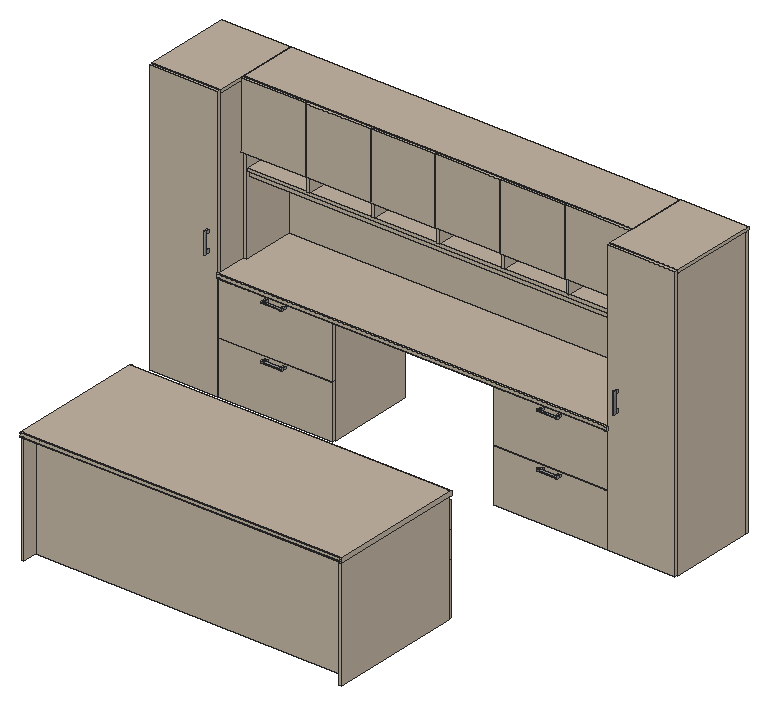
Revit family "JSI-Vision-Typical_Laminate-VST102", category Furniture, Revit 2020 (continued)
Definition of nested family "JSI-Vision-Wardrobe"
  Definition of nested family "Vertical Bar Pull"
    Reference planes (in)
      plane 2: z = 0
      plane 3 "Center Left/Right": x = 0
      plane 4: x = -2.68731
      plane 5: x = -1.88731
      plane 6: x = 2.68731
      plane 7: x = 1.88731
      plane 8: y = -1
      plane 9: y = -0.85202
      plane 10: z = 2.68731
      plane 11: z = 1.88731
      plane 12: z = -1.88731
      plane 13: z = -2.68731
    Forms (in)
      Extrusion 1, solid, material <- "Pull Finish"
        sketch origin (0, 0, 0) x (0, 1, 0) y (-1, 0, 0)
          loop
            line (0, -0.2015) -> (0, 0.2015) -> (-0.85202, 0.2015)
            arc (-0.85202, 0.2015) -> (-0.75, 0) -> (-0.85202, -0.2015) r 0.25
            line (-0.85202, -0.2015) -> (0, -0.2015)
        from 1.88731 to 2.68731
      Extrusion 2, solid, material <- "Pull Finish"
        sketch origin (0, 0, 0) x (0, 1, 0) y (-1, 0, 0)
          loop
            circle (-1, 0) r 0.25
        from -2.68731 to 2.68731
      Extrusion 3, solid, material <- "Pull Finish"
        sketch origin (0, 0, 0) x (1, 0, 0) y (0, 1, 0)
          loop
            line (0.2015, 0) -> (-0.2015, 0) -> (-0.2015, -0.85202)
            arc (-0.2015, -0.85202) -> (0, -0.75) -> (0.2015, -0.85202) r 0.25
            line (0.2015, -0.85202) -> (0.2015, 0)
        from 1.88731 to 2.68731
      Extrusion 4, solid, material <- "Pull Finish"
        sketch origin (0, 0, -4.57462) x (1, 0, 0) y (0, 1, 0)
          loop
            line (0.2015, 0) -> (-0.2015, 0) -> (-0.2015, -0.85202)
            arc (-0.2015, -0.85202) -> (0, -0.75) -> (0.2015, -0.85202) r 0.25
            line (0.2015, -0.85202) -> (0.2015, 0)
        from 1.88731 to 2.68731
    Dimensions and locks (in)
      plane 4 to plane 5 to plane 3 "Center Left/Right" to plane 7 to plane 6 = 0.8" locked, 1.88731" locked, 1.88731" locked, 0.8" locked
      plane 8 to plane 9 to plane 1 "Center Front/Back" = 0.14798" locked, 0.85202" locked
      plane 13 to plane 12 to plane 2 to plane 11 to plane 10 = 0.8" locked, 1.88731" locked, 1.88731" locked, 0.8" locked
      plane 1 "Center Front/Back" to plane 9 to plane 8 = 0.85202" locked, 0.14798" locked
      aligned and locked: level to plane 2
      aligned and locked: plane 8 to Extrusion 2 sketch curve
      aligned and locked: Extrusion 3 to plane 1 "Center Front/Back"
      aligned and locked: Extrusion 1 to plane 1 "Center Front/Back"
      aligned and locked: Extrusion 4 to plane 1 "Center Front/Back"
      aligned and locked: Extrusion 3 to plane 10
      aligned and locked: Extrusion 3 to plane 11
      aligned and locked: Extrusion 2 to plane 10
      aligned and locked: Extrusion 2 to plane 13
      aligned and locked: Extrusion 4 to plane 13
      aligned and locked: Extrusion 4 to plane 12
      aligned and locked: plane 1 "Center Front/Back" to Extrusion 4
      aligned and locked: plane 1 "Center Front/Back" to Extrusion 3
      aligned and locked: Extrusion 4 to plane 9
      aligned and locked: Extrusion 3 to plane 9
  Definition of nested family "Label 1-16 OH"
    Parameters
      Width = 1"
      Model Name = "Storage/Wardrobe"
    Reference planes (in)
      plane 1: y = 0
      plane 2: x = 0
    Text (in)
      label "XX" at (0.00051, -0.12324, 0), shows "Model Name"
Definition of nested family "JSI-Vision-Modular_Lateral_File_Pedestal"
  Parameters (values of type "Modular Lat F Ped - Type Catalog Family")
    URL = "www.jsifurniture.com"
    Tag = "Lat File"
    Series = "Vision Casegoods"  # constant formula
    Pull Finish = none
    Ped Width = 30"
    Ped Height = 28"
    Model = "Type Catalog"
    Manufacturer = "JSI"  # constant formula
    Keynote = "12500"  # constant formula
    JSI Enviromental website = "http://www.jsifurniture.com/jsi_sustainability_intro.php"
    Description = "Type Catalog"
    Default Elevation = 0"
    Chassis = none
    Ped Depth = 20"
    Grommet Finish = none
    Drawer Front = none
    Assembly Code = "E2020200"
  Reference planes (in)
    plane 1 "Center Front/Back": y = 0
    plane 2: z = 0
    plane 3 "Center Left/Right": x = 0
    plane 4: x = 0.125
    plane 5: x = 30.125
    plane 6: x = 30.25
    plane 7: y = -18.9795
    plane 8: y = -0.1875
    plane 9: y = -19.1095
    plane 10: x = 0.18716
    plane 11: x = 30.06243
    plane 12: y = -19.8595
    plane 13: z = 0.125
    plane 14: z = 13.9375
    plane 15: z = 14.0625
    plane 16: z = 27.8755
    plane 17: z = 28
    plane 18: x = 0.875
    plane 19: x = 29.376
    plane 20: y = -0.9375
    plane 21: y = -18.23863
    plane 22: z = 13.18724
    plane 23: z = 27.12492
    plane 24: z = 26.5625
    plane 25: x = 15.125
    plane 26: y = -20
    plane 27: y = -9.80266
    plane 28: y = -14.80266
    plane 29: z = 27.1875
  Forms (in)
    Extrusion 1, solid, material <- "Chassis"
      sketch origin (0.125, -0.1875, 48) x (0, 1, 0) y (0, 0, 1)
        loop
          line (0, -20) -> (-18.792, -20) -> (-18.792, -48) -> (0, -48) -> (0, -20)
      from 0 to 0.75
    Extrusion 2, solid, material <- "Chassis"
      sketch origin (30.125, -0.1875, 48) x (0, 1, 0) y (0, 0, 1)
        loop
          line (0, -20) -> (-18.792, -20) -> (-18.792, -48) -> (0, -48) -> (0, -20)
      from -0.749 to 0
    Extrusion 3, solid, material <- "Drawer Front"
      sketch origin (0, 0, 0) x (1, 0, 0) y (0, 0, 1)
        loop
          line (0.18716, 27.8755) -> (0.18716, 14.0625) -> (30.06243, 14.0625) -> (30.06243, 27.8755) -> (0.18716, 27.8755)
        loop
          line (0.18716, 13.9375) -> (0.18716, 0.125) -> (30.06243, 0.125) -> (30.06243, 13.9375) -> (0.18716, 13.9375)
      from 19.1095 to 19.8595
    Extrusion 4, solid, material <- "Chassis"
      sketch origin (0, 0, 0) x (1, 0, 0) y (0, 1, 0)
        loop
          line (0.875, -18.9795) -> (29.376, -18.9795) -> (29.376, -15.9795) -> (0.875, -15.9795) -> (0.875, -18.9795)
      from 0 to 1.1875
    Extrusion 5, solid, material <- "Chassis"
      sketch origin (0, 0, 0) x (0, 1, 0) y (0, 0, 1)
        loop
          line (-9.80266, 27.1875) -> (-9.80266, 27.8755) -> (-14.80266, 27.8755) -> (-14.80266, 27.1875) -> (-9.80266, 27.1875)
      from 0.875 to 29.376
    Extrusion 6, solid, material <- "Chassis"
      sketch origin (0, 0, 0) x (0, 1, 0) y (0, 0, 1)
        loop
          line (-0.1875, 28) -> (-0.6875, 28) -> (-0.6875, 23) -> (-0.1875, 23) -> (-0.1875, 28)
        loop
          line (-0.6875, 0) -> (-0.1875, 0) -> (-0.1875, 5) -> (-0.6875, 5) -> (-0.6875, 0)
      from 0.875 to 29.376
  Lines and regions (in)
    symbolic lines
      curve 1: line (0.125, -18.9795, 0) -> (0.125, -0.1875, 0)
      curve 2: line (30.125, -0.1875, 0) -> (30.125, -18.9795, 0)
      curve 3: line (0.18716, -19.1095, 0) -> (30.06243, -19.1095, 0)
      curve 4: line (0.18716, -19.8595, 0) -> (0.18716, -19.1095, 0)
      curve 5: line (30.06243, -19.8595, 0) -> (0.18716, -19.8595, 0)
      curve 6: line (30.06243, -19.1095, 0) -> (30.06243, -19.8595, 0)
      curve 7: line (0.875, -0.9375, 0) -> (0.875, -18.9795, 0)
      curve 8: line (0.125, -18.9795, 0) -> (0.875, -18.9795, 0)
      curve 9: line (29.376, -0.1875, 0) -> (29.376, -18.9795, 0)
      curve 10: line (29.376, -18.9795, 0) -> (30.125, -18.9795, 0)
      curve 11: line (0.125, -0.1875, 0) -> (0.875, -0.1875, 0)
      curve 12: line (29.376, -0.1875, 0) -> (30.125, -0.1875, 0)
      curve 13: line (29.376, -0.1875, 0) -> (0.875, -0.1875, 0)
      curve 14: line (0.875, -0.6875, 0) -> (29.376, -0.6875, 0)
  Dimensions and locks (in)
    plane 3 "Center Left/Right" to plane 4 = 1/8"
    locked: plane 5 to plane 6 at 0.125
    "Ped Width": plane 4 to plane 5
    locked: plane 1 "Center Front/Back" to plane 8 at 0.1875
    "Ped Height": plane 17 to level
    locked: plane 8 to plane 20 at 0.75
    plane 21 to plane 7 to plane 9 to plane 12 = 0.74087" locked, 0.13" locked, 3/4" locked
    plane 4 to plane 10 to plane 18 = 0.06216" locked, 0.68784" locked
    plane 19 to plane 11 to plane 5 = 0.68644" locked, 0.06257" locked
    locked: plane 17 to plane 24 at 1.4375
    plane 3 "Center Left/Right" to plane 25 to plane 6 = 15 1/8", 15 1/8"
    "Ped Depth": plane 26 to plane 1 "Center Front/Back"
    locked: plane 12 to plane 26 at 0.1405
    plane 27 to plane 28 to plane 26 = 5" locked, 5.19734" locked
    locked: plane 2 to Extrusion 6 sketch curve at 5
    locked: plane 8 to Extrusion 6 sketch curve at 0.5  (x2)
    locked: plane 17 to Extrusion 6 sketch curve at 5
    plane 17 to plane 23 to plane 15 to plane 14 to plane 22 to plane 13 to plane 2 = 0.87508" locked, 13.06242" locked, 1/8" locked, 0.75026" locked, 13.06224" locked, 1/8" locked
    locked: Extrusion 4 sketch curve to plane 7 at 3
    aligned and locked: level to plane 2
    aligned and locked: Extrusion 1 sketch curve to plane 7
    aligned and locked: Extrusion 1 sketch curve to level
    aligned and locked: Extrusion 2 sketch curve to plane 17
    aligned and locked: level to Extrusion 2 sketch curve
    aligned and locked: plane 7 to Extrusion 2 sketch curve
    aligned and locked: Extrusion 3 sketch curve to plane 16
    aligned and locked: Extrusion 3 sketch curve to plane 10  (x2)
    aligned and locked: plane 11 to Extrusion 3 sketch curve  (x2)
    aligned and locked: plane 15 to Extrusion 3 sketch curve
    aligned and locked: Extrusion 3 sketch curve to plane 14
    aligned and locked: plane 13 to Extrusion 3 sketch curve
    aligned and locked: Extrusion 3 to plane 12
    aligned and locked: plane 9 to Extrusion 3
    aligned and locked: plane 18 to Extrusion 4 sketch curve
    aligned and locked: plane 12 to nested 2
    aligned and locked: plane 12 to nested 1
    aligned and locked: plane 27 to Extrusion 5 sketch curve
    aligned and locked: Extrusion 5 sketch curve to plane 29
    aligned and locked: Extrusion 5 sketch curve to plane 28
    aligned and locked: plane 16 to Extrusion 5 sketch curve
    aligned and locked: Extrusion 5 to plane 18
    aligned and locked: plane 19 to Extrusion 5
    aligned and locked: nested 3 to plane 25
    aligned and locked: nested 3 to plane 26
    aligned and locked: plane 8 to Extrusion 1
    aligned and locked: plane 8 to Extrusion 2
    aligned and locked: curve 11 to plane 8
    aligned and locked: Extrusion 6 sketch curve to plane 8  (x2)
    aligned and locked: Extrusion 6 sketch curve to plane 17
    aligned and locked: plane 2 to Extrusion 6 sketch curve
    aligned and locked: Extrusion 6 to plane 18
    aligned and locked: plane 19 to Extrusion 6
    aligned and locked: curve 13 to Extrusion 6
    aligned and locked: curve 14 to Extrusion 6
    aligned and locked: nested 2 to plane 25
    aligned and locked: nested 1 to plane 25
  Automatic sketch dimensions
    Extrusion 1 sketch curve to plane 17 = 0"
    plane 20 to Extrusion 1 sketch curve = 3/4"
    plane 20 to Extrusion 2 sketch curve = 3/4"
    curve 1 to plane 4 = 0"
    curve 3 to plane 9 = 0"
    curve 3 to plane 10 = 0"
    curve 8 to plane 7 = 0"
    curve 8 to plane 18 = 0"
    curve 11 to plane 18 = 0"
    curve 9 to plane 7 = 0"
    curve 9 to plane 19 = 0"
    curve 3 to plane 11 = 0"
    curve 12 to plane 5 = 0"
    curve 5 to plane 12 = 0"
    curve 7 to plane 20 = 0"
    curve 14 to plane 18 = 0"
    Extrusion 4 sketch curve to plane 7 = 0"
    Extrusion 4 sketch curve to plane 19 = 0"
  Nested families (in)
    nested 1: "Bar Pull" at (15.125, -19.8595, 13.18724) x (-1, 0, 0) z (0, 0, 1), Pull Finish <- "Pull Finish", type "PL"
      with Pull Finish none
    nested 2: "Bar Pull" at (15.125, -19.8595, 27.12492) x (-1, 0, 0) z (0, 0, 1), Pull Finish <- "Pull Finish", type "PL"
      with Pull Finish none
    nested 3: "Label 1-16" at (15.125, -20, 0), type "DRWCFG"
  Definition of nested family "Bar Pull"
    Parameters
      Pull Finish [instance] = none
      Default Elevation = 0"
    Reference planes (in)
      plane 1 "Center Front/Back": y = 0
      plane 2: z = 0
      plane 3 "Center Left/Right": x = 0
      plane 4: x = -2.68731
      plane 5: x = -1.88731
      plane 6: x = 2.68731
      plane 7: x = 1.88731
      plane 8: y = -1
      plane 9: y = -0.85202
    Forms (in)
      Extrusion 1, solid, material <- "Pull Finish"
        sketch origin (0, 0, 0) x (0, 1, 0) y (0, 0, 1)
          loop
            line (0, -0.2015) -> (0, 0.2015) -> (-0.85202, 0.2015)
            arc (-0.85202, 0.2015) -> (-0.75, 0) -> (-0.85202, -0.2015) r 0.25
            line (-0.85202, -0.2015) -> (0, -0.2015)
        from 1.88731 to 2.68731
      Extrusion 2, solid, material <- "Pull Finish"
        sketch origin (0, 0, 0) x (0, 1, 0) y (0, 0, 1)
          loop
            circle (-1, 0) r 0.25
        from -2.68731 to 2.68731
      Extrusion 3, solid, material <- "Pull Finish"
        sketch origin (0, 0, 0) x (0, 1, 0) y (0, 0, -1)
          loop
            line (0, 0.2015) -> (-0.85202, 0.2015)
            arc (-0.85202, 0.2015) -> (-0.75, 0) -> (-0.85202, -0.2015) r 0.25
            line (-0.85202, -0.2015) -> (0, -0.2015) -> (0, 0.2015)
        from 1.88731 to 2.68731
    Dimensions and locks (in)
      plane 4 to plane 5 to plane 3 "Center Left/Right" to plane 7 to plane 6 = 0.8" locked, 1.88731" locked, 1.88731" locked, 0.8" locked
      plane 8 to plane 9 to plane 1 "Center Front/Back" = 0.14798" locked, 0.85202" locked
      aligned and locked: level to plane 2
      aligned and locked: plane 4 to Extrusion 3
      aligned and locked: Extrusion 3 to plane 5
      aligned and locked: plane 4 to Extrusion 2
      aligned and locked: Extrusion 1 to plane 7
      aligned and locked: plane 6 to Extrusion 1
      aligned and locked: plane 6 to Extrusion 2
      aligned and locked: plane 8 to Extrusion 2 sketch curve
      aligned and locked: Extrusion 3 to plane 1 "Center Front/Back"
      aligned and locked: Extrusion 1 to plane 1 "Center Front/Back"
      aligned and locked: plane 5 to Extrusion 3
      aligned and locked: Extrusion 3 to plane 4
      aligned and locked: Extrusion 2 to plane 4
      aligned and locked: plane 7 to Extrusion 1
      aligned and locked: Extrusion 1 to plane 6
      aligned and locked: Extrusion 2 to plane 6
  Definition of nested family "Label 1-16"
    Parameters
      Width = 1"
      Model Name = "2 Drw - 2 Drs"
    Reference planes (in)
      plane 1: y = 0
      plane 2: x = 0
    Text (in)
      label "XX" at (0.00051, -0.12324, 0), shows "Model Name"
Definition of nested family "JSI-Vision-Double_Pedestal-Recessed_Modesty"
  Parameters (values of type "Dbl Ped Desk, Rcs Modesty - Type Catalog Family")
    Worksurface = none
    Width = 72"
    URL = "www.jsifurniture.com"
    Type Comments = ""
    Tag 2 = "FF"  # constant formula
    Tag = "BBF"  # constant formula
    Series = "Vision Casegoods"  # constant formula
    Pull Finish = none
    Model = "Type Catalog"
    Material = ""
    Manufacturer = "JSI"  # constant formula
    Keynote = "12500"  # constant formula
    JSI Enviromental Website = "http://www.jsifurniture.com/jsi_sustainability_intro.php"
    Height = 29 3/16"
    Grommet Finish = none
    Drawer Front = none
    Description = "Type Catalog"
    Depth = 30"
    Default Elevation = 0"
    Chassis = none
    Assembly Code = "E2020200"
  Reference planes (in)
    plane 1: z = 0
    plane 2 "Center (Left/Right)": x = -36.06413
    plane 3: z = 29.1875
    plane 4: z = 28
    plane 5: y = -19.25
    plane 6 "Center (Front/Back)": y = 10.75
    plane 7: y = 10.5625
    plane 8: x = -0.06413
    plane 9: x = 35.93587
    plane 10: x = -20.31413
    plane 11: x = 20.18587
    plane 12: y = -18.37
    plane 13: x = 27.99787
    plane 14: x = -28.12663
    plane 15: x = 35.81086
    plane 16: x = -35.93913
    plane 17: y = 6.8125
    plane 18: y = -18.31113
    plane 19: x = -35.87663
    plane 20: x = 20.24837
  Forms (in)
    Extrusion 1, solid, material <- "Worksurface"
      sketch origin (0, 0.0625, 0) x (1, 0, 0) y (0, 1, 0)
        loop
          line (-36.06413, -19.125) -> (35.93587, -19.125) -> (35.93587, 10.5) -> (-36.06413, 10.5) -> (-36.06413, -19.125)
      from 28 to 29.1875
    Extrusion 2, solid, material <- "Chassis"
      sketch origin (0, 3.75, 0) x (1, 0, 0) y (0, 1, 0)
        loop
          line (-35.18913, 3.0625) -> (-35.18913, 2.3125) -> (35.06086, 2.3125) -> (35.06086, 3.0625) -> (-35.18913, 3.0625)
      from 0 to 28
    Extrusion 3, solid, material <- "Drawer Front"
      sketch origin (-0.00163, 6.13, 0) x (1, 0, 0) y (0, 0, 1)
        loop
          line (-35.875, 27.88) -> (-35.875, 21.04) -> (-20.37473, 21.04) -> (-20.37473, 27.88) -> (-35.875, 27.88)
        loop
          line (-35.875, 20.915) -> (-35.875, 14.075) -> (-20.37473, 14.075) -> (-20.37473, 20.915) -> (-35.875, 20.915)
        loop
          line (-35.875, 13.95) -> (-35.875, 0.14) -> (-20.37473, 0.14) -> (-20.37473, 13.95) -> (-35.875, 13.95)
      from 24.5 to 25.25
    Extrusion 4, solid, material <- "Chassis"
      sketch origin (-0.06413, 0, 0) x (0, 1, 0) y (0, 0, 1)
        loop
          line (-18.31113, 28) -> (-18.31113, 0) -> (10.5625, 0) -> (10.5625, 28) -> (-18.31113, 28)
      from -35.875 to -35.125
    Extrusion 5, solid, material <- "Chassis"
      sketch origin (-0.06413, 0.034, 0) x (1, 0, 0) y (0, 0, 1)
        loop
          line (-35.125, 1.9375) -> (-35.125, 0) -> (-21, 0) -> (-21, 1.9375) -> (-35.125, 1.9375)
      from 17.59513 to 18.34513
    Extrusion 6, solid, material <- "Chassis"
      sketch origin (-56.31246, 0, 0) x (0, 1, 0) y (0, 0, -1)
        loop
          line (-18.31113, -28) -> (6.0625, -28) -> (6.0625, 0) -> (-18.31113, 0) -> (-18.31113, -28)
      from -35.99833 to -35.24833
    Extrusion 7, solid, material <- "Drawer Front"
      sketch origin (-0.1898, 6.13, 0) x (1, 0, 0) y (0, 0, 1)
        loop
          line (20.43816, 27.88) -> (20.43816, 14.075) -> (35.93716, 14.075) -> (35.93716, 27.88) -> (20.43816, 27.88)
        loop
          line (20.43816, 13.95) -> (20.43816, 0.14) -> (35.93843, 0.14) -> (35.93843, 13.95) -> (20.43816, 13.95)
      from 24.5 to 25.25
    Sweep 8, solid, material <- "Worksurface"
      path in 3D
        loop
          line (-36.06413, -19.0625, 29.1875) -> (35.93587, -19.0625, 29.1875)
      profile origin (-0.06413, -19.0625, 29.1875) x (0, 1, 0) y (0, 0, 1)
        loop
          arc (0, 0) -> (-0.08839, -0.03661) -> (-0.125, -0.125) r 0.125
          line (-0.125, -0.125) -> (-0.125, -1.0625)
          arc (-0.125, -1.0625) -> (-0.08839, -1.15089) -> (0, -1.1875) r 0.125
          line (0, -1.1875) -> (0, 0)
    Extrusion 9, solid, material <- "Chassis"
      sketch origin (-0.06413, 0.034, 0) x (-1, 0, 0) y (0, 0, -1)
        loop
          line (-35.125, -1.9375) -> (-21, -1.9375) -> (-21, 0) -> (-35.125, 0) -> (-35.125, -1.9375)
      from 17.59513 to 18.34513
    Sweep 10, solid, material <- "Worksurface"
      path in 3D
        loop
          line (35.93587, 10.5625, 29.1875) -> (-36.06413, 10.5625, 29.1875)
      profile origin (-0.06413, 10.5625, 29.1875) x (0, -1, 0) y (0, 0, 1)
        loop
          arc (0, 0) -> (-0.13258, -0.05492) -> (-0.1875, -0.1875) r 0.1875
          line (-0.1875, -0.1875) -> (-0.1875, -1)
          arc (-0.1875, -1) -> (-0.13258, -1.13258) -> (0, -1.1875) r 0.1875
          line (0, -1.1875) -> (0, 0)
    Extrusion 11, solid, material <- "Chassis"
      sketch origin (-0.06413, 0, 0) x (0, 1, 0) y (0, 0, -1)
        loop
          line (-18.31113, -28) -> (10.5625, -28) -> (10.5625, 0) -> (-18.31113, 0) -> (-18.31113, -28)
      from -35.875 to -35.125
    Extrusion 12, solid, material <- "Chassis"
      sketch origin (56.1842, 0, 0) x (0, 1, 0) y (0, 0, 1)
        loop
          line (-18.31113, 28) -> (-18.31113, 0) -> (6.0625, 0) -> (6.0625, 28) -> (-18.31113, 28)
      from -35.99833 to -35.24833
  Cuts and joins
    joined: Extrusion 1, Sweep 8, Sweep 10
  Lines and regions (in)
    sketch lines
      curve 1: line (-36.06413, -19.0625, 29.1875) -> (35.93587, -19.0625, 29.1875)
      curve 5: line (35.93587, 10.5625, 29.1875) -> (-36.06413, 10.5625, 29.1875)
    symbolic lines
      curve 2: line (35.93587, -19.25, 0) -> (-36.06413, -19.25, 0)
      curve 3: line (35.93587, -19.25, 0) -> (35.93587, 10.75, 0)
      curve 4: line (-36.06413, 10.75, 0) -> (-36.06413, -19.25, 0)
      curve 6: line (-36.06413, 10.75, 0) -> (35.93587, 10.75, 0)
      curve 7: line (20.24837, -18.37, 0) -> (20.24837, -19.12, 0)
      curve 8: line (35.74737, -18.37, 0) -> (20.24837, -18.37, 0)
      curve 9: line (20.24837, -19.12, 0) -> (35.74737, -19.12, 0)
      curve 10: line (35.74737, -19.12, 0) -> (35.74737, -18.37, 0)
      curve 11: line (-35.87663, -18.37, 0) -> (-35.87663, -19.12, 0)
      curve 12: line (-20.37636, -18.37, 0) -> (-35.87663, -18.37, 0)
      curve 13: line (-35.87663, -19.12, 0) -> (-20.37636, -19.12, 0)
      curve 14: line (-20.37636, -19.12, 0) -> (-20.37636, -18.37, 0)
      curve 15: line (35.06086, 6.8125, 0) -> (-35.18913, 6.8125, 0)
      curve 16: line (-35.18913, 6.0625, 0) -> (35.06086, 6.0625, 0)
      curve 17: line (-20.31413, -18.31113, 0) -> (-20.31413, 6.0625, 0)
      curve 18: line (-35.18913, 10.5625, 0) -> (-35.93913, 10.5625, 0)
      curve 19: line (-35.93913, 10.5625, 0) -> (-35.93913, -18.31113, 0)
      curve 20: line (-35.93913, -18.31113, 0) -> (-20.31413, -18.31113, 0)
      curve 21: line (20.18587, 6.0625, 0) -> (20.18587, -18.31113, 0)
      curve 22: line (20.18587, -18.31113, 0) -> (35.81086, -18.31113, 0)
      curve 23: line (-35.18913, -18.31113, 0) -> (-35.18913, 10.5625, 0)
      curve 24: line (35.06086, -18.31113, 0) -> (35.06086, 10.5625, 0)
      curve 25: line (35.81086, 10.5625, 0) -> (35.06086, 10.5625, 0)
      curve 26: line (35.81086, -18.31113, 0) -> (35.81086, 10.5625, 0)
      curve 27: line (20.93587, 6.0625, 0) -> (20.93587, -18.31113, 0)
      curve 28: line (-21.06413, -18.31113, 0) -> (-21.06413, 6.0625, 0)
  Dimensions and locks (in)
    "Height": plane 3 to level
    locked: plane 3 to plane 4 at 1.1875
    "Depth": plane 6 "Center (Front/Back)" to plane 5
    equal spacing: plane 2 "Center (Left/Right)", plane 8, plane 9
    "Width": plane 2 "Center (Left/Right)" to plane 9
    locked: plane 2 "Center (Left/Right)" to plane 10 at 15.75
    locked: plane 11 to plane 9 at 15.75
    locked: Extrusion 5 to plane 12 at 0.80887
    locked: plane 12 to plane 5 at 0.88
    locked: plane 15 to plane 9 at 0.125
    locked: Extrusion 6 to Extrusion 6 at 0.75
    locked: Extrusion 4 to Extrusion 4 at 0.75
    locked: Extrusion 2 to Extrusion 2 at 0.75
    locked: plane 18 to plane 5 at 0.93887
    locked: Extrusion 5 to Extrusion 5 at 0.75
    locked: Extrusion 9 to Extrusion 9 at 0.75
    locked: Extrusion 3 to plane 12 at 0.75
    locked: Extrusion 7 to plane 12 at 0.75
    locked: plane 19 to plane 14 at 7.75
    locked: Extrusion 11 to Extrusion 11 at 0.75
    locked: Extrusion 12 to Extrusion 12 at 0.75
    locked: plane 11 to plane 20 at 0.0625
    locked: plane 2 "Center (Left/Right)" to plane 19 at 0.1875
    locked: plane 20 to plane 13 at 7.7495
    locked: plane 6 "Center (Front/Back)" to plane 17 at 3.9375
    locked: plane 7 to plane 6 "Center (Front/Back)" at 0.1875
    Extrusion 3 sketch curve to Extrusion 3 sketch curve to Extrusion 3 sketch curve to Extrusion 3 sketch curve to Extrusion 3 sketch curve to Extrusion 3 sketch curve to plane 1 = 6.84" locked, 1/8" locked, 6.84" locked, 1/8" locked, 13.81" locked, 0.14" locked
    locked: plane 4 to nested 3 at 0.75
    locked: Extrusion 3 to nested 2 at 0.75
    locked: Extrusion 3 to nested 1 at 0.75
    locked: Extrusion 7 to nested 5 at 0.75
    locked: Extrusion 7 to nested 4 at 0.75
    aligned and locked: level to plane 1
    aligned and locked: curve 4 to Extrusion 1
    aligned and locked: Extrusion 4 to Extrusion 5
    aligned and locked: Extrusion 4 to Extrusion 6
    aligned and locked: Extrusion 5 to Extrusion 4
    aligned and locked: Extrusion 5 to Extrusion 6
    aligned and locked: plane 10 to Extrusion 6  (x2)
    aligned and locked: Extrusion 4 to plane 16
    aligned and locked: plane 12 to Extrusion 3
    aligned and locked: plane 12 to Extrusion 7
    aligned and locked: Extrusion 6 to plane 18  (x2)
    aligned and locked: Extrusion 5 to plane 18
    aligned and locked: Extrusion 4 to plane 18  (x2)
    aligned and locked: Extrusion 5 to level
    aligned and locked: Extrusion 9 to plane 18
    aligned and locked: Extrusion 1 to plane 7
    aligned and locked: plane 6 "Center (Front/Back)" to curve 6
    aligned and locked: nested 3 to plane 14
    aligned and locked: nested 2 to plane 14
    aligned and locked: nested 1 to plane 14
    aligned and locked: plane 13 to nested 5
    aligned and locked: plane 13 to nested 4
    aligned and locked: Extrusion 3 to nested 3
    aligned and locked: Extrusion 3 to nested 2
    aligned and locked: Extrusion 3 to nested 1
    aligned and locked: Extrusion 7 to nested 5
    aligned and locked: Extrusion 7 to nested 4
    aligned and locked: Extrusion 7 to plane 20  (x2)
    aligned and locked: Extrusion 3 to plane 19
    aligned and locked: curve 7 to Extrusion 7
    aligned and locked: Extrusion 7 to curve 8
    aligned and locked: curve 9 to Extrusion 7
    aligned and locked: curve 10 to Extrusion 7
    aligned and locked: curve 11 to Extrusion 3
    aligned and locked: curve 12 to Extrusion 3
    aligned and locked: curve 13 to Extrusion 3
    aligned and locked: curve 14 to Extrusion 3
    aligned and locked: plane 15 to Extrusion 11
    aligned and locked: Extrusion 11 to plane 18
    aligned and locked: Extrusion 12 to plane 11
    aligned and locked: Extrusion 12 to plane 18
    aligned and locked: curve 17 to Extrusion 6
    aligned and locked: curve 18 to Extrusion 4
    aligned and locked: curve 19 to Extrusion 4
    aligned and locked: curve 20 to Extrusion 5
    aligned and locked: Extrusion 12 to curve 21
    aligned and locked: curve 22 to Extrusion 9
    aligned and locked: curve 25 to Extrusion 11
    aligned and locked: curve 26 to Extrusion 11
    aligned and locked: nested 7 to plane 14
    aligned and locked: plane 13 to nested 6
    aligned and locked: nested 7 to plane 5
    aligned and locked: nested 6 to plane 5
    aligned and locked: Extrusion 4 to plane 7  (x2)
    aligned and locked: Extrusion 11 to plane 7  (x2)
    aligned and locked: Extrusion 12 to Extrusion 2
    aligned and locked: Extrusion 6 to Extrusion 2
    aligned and locked: plane 4 to Sweep 10 sketch curve
    aligned and locked: plane 3 to Sweep 10 sketch curve
    aligned and locked: plane 3 to cut or joined group of Extrusion 1, Sweep 8, Sweep 10
    aligned and locked: cut or joined group of Extrusion 1, Sweep 8, Sweep 10 to plane 4
    aligned and locked: plane 4 to Extrusion 2
    aligned and locked: Extrusion 7 sketch curve to Extrusion 3  (x2)
    aligned and locked: Extrusion 3 to Extrusion 7 sketch curve  (x2)
  Automatic sketch dimensions
    Extrusion 1 sketch curve to plane 2 "Center (Left/Right)" = 0"
    Extrusion 1 sketch curve to plane 9 = 0"
    Extrusion 1 sketch curve to plane 7 = 0"
    plane 5 to Extrusion 1 sketch curve = 3/16"
    Extrusion 2 sketch curve to plane 17 = 0"
    plane 19 to Extrusion 2 sketch curve = 11/16"
    Extrusion 2 sketch curve to plane 15 = 3/4"
    Extrusion 2 sketch curve to plane 17 = 3/4"
    Extrusion 3 sketch curve to plane 19 = 0"  (x3)
    plane 10 to Extrusion 3 sketch curve = 0.06223"  (x3)
    Extrusion 4 sketch curve to plane 4 = 0"
    Extrusion 4 sketch curve to plane 18 = 0"
    Extrusion 4 sketch curve to level = 0"
    Extrusion 4 sketch curve to plane 7 = 0"
    Extrusion 5 sketch curve to level = 0"
    plane 19 to Extrusion 5 sketch curve = 11/16"
    plane 10 to Extrusion 5 sketch curve = 3/4"
    level to Extrusion 5 sketch curve = 1 15/16"
    Extrusion 7 sketch curve to plane 20 = 0"  (x2)
    Extrusion 7 sketch curve to plane 15 = 0.0635"
    Extrusion 7 sketch curve to plane 15 = 0.06223"
    Sweep 8 sketch curve to profile plane = 0"  (x2)
    profile plane to Sweep 8 sketch curve = 1/8"
    Sweep 8 sketch curve to Sweep 8 sketch curve = 15/16"
    Extrusion 9 sketch curve to level = 0"
    Extrusion 9 sketch curve to plane 15 = 3/4"
    plane 20 to Extrusion 9 sketch curve = 11/16"
    level to Extrusion 9 sketch curve = 1 15/16"
    Sweep 10 sketch curve to profile plane = 0"
    profile plane to Sweep 10 sketch curve = 3/16"
    Extrusion 11 sketch curve to plane 4 = 0"
    Extrusion 11 sketch curve to plane 18 = 0"
    Extrusion 11 sketch curve to level = 0"
    Extrusion 11 sketch curve to plane 7 = 0"
    Extrusion 12 sketch curve to plane 4 = 0"
    Extrusion 12 sketch curve to plane 18 = 0"
    Extrusion 12 sketch curve to level = 0"
    Extrusion 12 sketch curve to plane 17 = 3/4"
    curve 2 to plane 2 "Center (Left/Right)" = 0"
    curve 20 to plane 16 = 0"
    curve 12 to plane 12 = 0"
    curve 12 to plane 19 = 0"
    curve 15 to plane 17 = 0"
    curve 23 to plane 18 = 0"
    plane 7 to curve 23 = 0"
    curve 20 to plane 10 = 0"
    curve 22 to plane 11 = 0"
    curve 7 to plane 12 = 0"
    curve 7 to plane 20 = 0"
    curve 27 to plane 18 = 0"
    plane 7 to curve 25 = 0"
    curve 25 to plane 15 = 0"
    curve 6 to plane 9 = 0"
    curve 2 to plane 5 = 0"
    plane 19 to curve 23 = 11/16"
    plane 10 to curve 14 = 0.06223"
    curve 25 to curve 25 = 3/4"
    curve 10 to plane 15 = 0.0635"
    plane 5 to curve 14 = 0.13"
    plane 5 to curve 10 = 0.13"
    curve 28 to curve 12 = 0.68777"
    plane 20 to curve 27 = 11/16"
    curve 16 to curve 15 = 3/4"
    Extrusion 6 sketch curve to plane 4 = 0"
    Extrusion 6 sketch curve to plane 18 = 0"
    Extrusion 6 sketch curve to level = 0"
    Extrusion 6 sketch curve to plane 17 = 3/4"
  Nested families (in)
    nested 1: "Bar Pull" at (-28.12663, -19.12, 13.2), Pull Finish <- "Pull Finish", type "PL"
      with Pull Finish none
    nested 2: "Bar Pull" at (-28.12663, -19.12, 20.165), Pull Finish <- "Pull Finish", type "PL"
      with Pull Finish none
    nested 3: "Bar Pull" at (-28.12663, -19.12, 27.25), Pull Finish <- "Pull Finish", type "PL"
      with Pull Finish none
    nested 4: "Bar Pull" at (27.99787, -19.12, 13.2), Pull Finish <- "Pull Finish", type "PL"
      with Pull Finish none
    nested 5: "Bar Pull" at (27.99787, -19.12, 27.13), Pull Finish <- "Pull Finish", type "PL"
      with Pull Finish none
    nested 6: "Label 1-16" at (27.99787, -19.25, 0), type "DRWCFG 2"
    nested 7: "Label 1-16" at (-28.12663, -19.25, 0), type "DRWCFG"
  Definition of nested family "Bar Pull"
    Parameters
      Pull Finish [instance] = none
      Default Elevation = 0"
    Reference planes (in)
      plane 1 "Center Front/Back": y = 0
      plane 2: z = 0
      plane 3 "Center Left/Right": x = 0
      plane 4: x = -2.68731
      plane 5: x = -1.88731
      plane 6: x = 2.68731
      plane 7: x = 1.88731
      plane 8: y = -1
      plane 9: y = -0.85202
    Forms (in)
      Extrusion 1, solid, material <- "Pull Finish"
        sketch origin (0, 0, 0) x (0, 1, 0) y (0, 0, 1)
          loop
            line (0, -0.2015) -> (0, 0.2015) -> (-0.85202, 0.2015)
            arc (-0.85202, 0.2015) -> (-0.75, 0) -> (-0.85202, -0.2015) r 0.25
            line (-0.85202, -0.2015) -> (0, -0.2015)
        from 1.88731 to 2.68731
      Extrusion 2, solid, material <- "Pull Finish"
        sketch origin (0, 0, 0) x (0, 1, 0) y (0, 0, 1)
          loop
            circle (-1, 0) r 0.25
        from -2.68731 to 2.68731
      Extrusion 3, solid, material <- "Pull Finish"
        sketch origin (0, 0, 0) x (0, 1, 0) y (0, 0, -1)
          loop
            line (0, 0.2015) -> (-0.85202, 0.2015)
            arc (-0.85202, 0.2015) -> (-0.75, 0) -> (-0.85202, -0.2015) r 0.25
            line (-0.85202, -0.2015) -> (0, -0.2015) -> (0, 0.2015)
        from 1.88731 to 2.68731
    Dimensions and locks (in)
      plane 4 to plane 5 to plane 3 "Center Left/Right" to plane 7 to plane 6 = 0.8" locked, 1.88731" locked, 1.88731" locked, 0.8" locked
      plane 8 to plane 9 to plane 1 "Center Front/Back" = 0.14798" locked, 0.85202" locked
      aligned and locked: level to plane 2
      aligned and locked: plane 4 to Extrusion 3
      aligned and locked: Extrusion 3 to plane 5
      aligned and locked: plane 4 to Extrusion 2
      aligned and locked: Extrusion 1 to plane 7
      aligned and locked: plane 6 to Extrusion 1
      aligned and locked: plane 6 to Extrusion 2
      aligned and locked: plane 8 to Extrusion 2 sketch curve
      aligned and locked: Extrusion 3 to plane 1 "Center Front/Back"
      aligned and locked: Extrusion 1 to plane 1 "Center Front/Back"
      aligned and locked: plane 5 to Extrusion 3
      aligned and locked: Extrusion 3 to plane 4
      aligned and locked: Extrusion 2 to plane 4
      aligned and locked: plane 7 to Extrusion 1
      aligned and locked: Extrusion 1 to plane 6
      aligned and locked: Extrusion 2 to plane 6
  Definition of nested family "Label 1-16"
    Parameters
      Width = 1"
      Model Name = "BBF"
    Reference planes (in)
      plane 1: y = 0
      plane 2: x = 0
    Text (in)
      label "XX" at (0.00051, -0.12324, 0), shows "Model Name"
